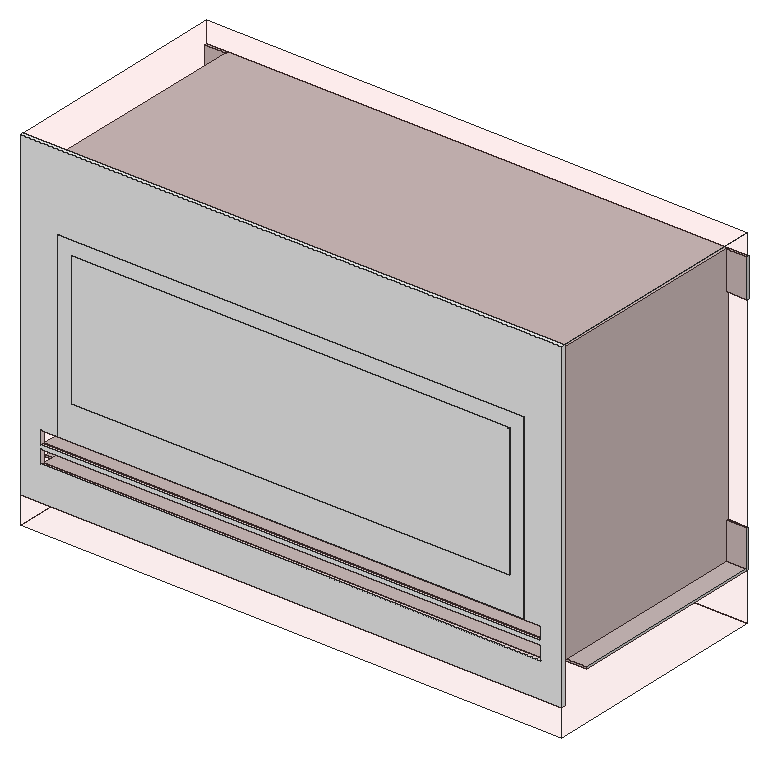
Revit family "Air-Curtain_Customer-Entry_PoweredAire_CLD-CHD", category Mechanical Equipment, host Face, Revit 2018
Family settings
  Host = Face
  Round Connector Dimension = Use Diameter
  Part Type = Normal
  OmniClass Number = 23.75.35.17.21
  OmniClass Title = Air Curtains
  Cut with Voids When Loaded = No
  Shared = No
  Room Calculation Point = No
Parameters
  Warranty Duration (Years) = 0
  Unit Width Notes = "Other Widths available."  # constant formula
  Unit Width = 3' - 3"
  Unit Weight = 0
  Unit Height = 1' - 4 3/4"
  Unit Depth = 1' - 11 1/4"
  URL = "http://www.poweredaire.com/"
  Test Data = ""
  Temperature Rise_Range = "as Specified"
  Standards Conformance = "as Specified"
  Specification = "http://www.arcat.com/sdspecs/htm04/23_34_33pai.htm"
  SpecWizard = ""
  Sound Pressure = "as Specified"
  Sales Information = "http://www.poweredaire.com/contact_us"
  Revision = "R1_2016-08"
  Projection from Host [instance] = 0' - 2"
  Product Properties = ""
  Product Data = "http://www.arcat.com/arcatcos/cos47/arc47623.html"
  Power Rating = 0 W
  Outlet Volume_Range = "as Specified"
  Outlet Velocity_Range = "as Specified"
  Nozzle Width = if(1 = 1, Unit Width - 0' 3", 0' 0")  # 3' - 0"
  Mounting Width = if(1 = 1, Unit Width - 0' 1 1/2", 0' 0")  # 3' - 1 1/2"
  Mounting Height [instance] = 3' - 6"
  Motor RPM = 0
  Motor HP = 0
  Motor Count = 0
  Model = "As Specified"
  Max Height = 0' - 0"
  Manufacturer Website = "http://www.poweredaire.com/"
  Manufacturer Phone - Toll Free = "888-321-2473"
  Manufacturer Phone = "724-588-3305"
  Manufacturer Fax = "724-588-3371"
  Manufacturer Address = "109 Mortensen Rd.  Greenville, PA 16125"
  Manufacturer = "Powered Aire, Inc"
  Maintenance Schedule (Months) = 0
  Keynote = "23 34 33"
  Installation-Fabrication = ""
  Installation Phase = ""
  Include Clearance [instance] = yes
  Heating Element Load = 0 W
  HVAC_Temperature Rise [instance] = 0 °F
  HVAC_Outlet Volume [instance] = 0 CFM
  HVAC_Outlet Velocity Uniformity = 0
  HVAC_Outlet Velocity [instance] = 0 FPM
  Green Building-LEED = "http://www.arcat.com/green/clients/leed_data_47623.html"
  Front Grating Material [instance] = Metal - Steel - PoweredAire - White Perforated
  Frame Finish [instance] = Metal - Steel - PoweredAire - Stainless 304
  Expected Lifespan (Years) = 0
  Electrical_Wattage [instance] = Power Rating + Heating Element Load  # 0 W
  Electrical_Voltage [instance] = 0 V
  Electrical_Phase [instance] = 1
  Electrical_Frequency [instance] = 0 Hz
  Electrical_Amperage [instance] = 0 A
  Drawn By = "Sumex Design, Inc. / Robert S. Weygant, CSI, CDT, SCIP"
  Description = "Powered Aire Air Curtain as Specified"
  Default Elevation = 0' - 0"  # constant formula
  Cover Finish [instance] = Metal - Steel - PoweredAire - White
  Copyright = "©Arcat Inc."
  Construction Details = "http://www.arcat.com/details/powair/prod3336.html"
  Clearance_Top [instance] = 0' - 0"
  Clearance_Side B [instance] = 0' - 0"
  Clearance_Side A [instance] = 0' - 0"
  Clearance_Intake [instance] = 0' - 0"
  Clearance_Front [instance] = 0' - 0"
  Clearance Material [instance] = ARCAT Clearance
  Building Codes = ""
  Available Options [instance] = "as Specified"
  Assembly Code = "D3090400"
Reference planes (in)
  plane 1 "Center (Elevation)": y = 8.51318
  plane 2: z = 0
  plane 3 "Center (Left/Right)": x = 0
  plane 4: y = 16.88818
  plane 5: y = 0.13818
  plane 6: x = -19.5
  plane 7: x = 19.5
  plane 8: z = 25.25
  plane 9 "FF": y = -41.86182
  plane 10: z = 2
  plane 11: x = 18
  plane 12: x = -18
  plane 13: y = 16.88818
  plane 14: y = 0.13818
  plane 15: x = -19.5
  plane 16: x = 19.5
  plane 17: z = 25.25
  plane 18: y = 0.38818
Forms (in)
  Extrusion 1, solid, material "ARCAT Clearance" <- "Clearance Material", visible <- "Include Clearance"
    sketch origin (0, 0, 0) x (0, 1, 0) y (0, 0, 1)
      loop
        line (0.13818, 25.25) -> (0.13818, 0) -> (16.88818, 0) -> (16.88818, 25.25) -> (0.13818, 25.25)
    from -19.5 to 19.5
  Extrusion 2, solid, material "Metal - Steel - PoweredAire - White" <- "Cover Finish"
    sketch origin (0, 8.51318, 0) x (1, 0, 0) y (0, 0, 1)
      loop
        line (-19.5, 25.25) -> (-19.5, 2) -> (19.5, 2) -> (19.5, 25.25) -> (-19.5, 25.25)
    from 8.125 to 8.375
  Extrusion 3, solid, material "Metal - Steel - PoweredAire - Stainless 304" <- "Frame Finish"
    sketch origin (0, 8.51318, 0) x (1, 0, 0) y (0, 0, 1)
      loop
        line (18, 23.75) -> (-18, 23.75) -> (-18, 3.5) -> (18, 3.5) -> (18, 23.75)
    from -8.375 to 8.125
  Extrusion 4, void
    sketch origin (0, 0, 0) x (0, 1, 0) y (0, 0, 1)
      loop
        line (0.13818, 5.5) -> (0.13818, 4.5) -> (1.88818, 4.5) -> (1.88818, 6.75) -> (0.13818, 6.75) -> (0.13818, 5.75) -> (1.63818, 5.75) -> (1.63818, 5.5) -> (0.13818, 5.5)
    from -18 to 18
  Extrusion 5, solid, material "Metal - Steel - PoweredAire - White" <- "Cover Finish"
    sketch origin (-11.83813, 0.13818, 48) x (-1, 0, 0) y (0, 0, 1)
      loop
        line (4.91187, -41.25) -> (4.91187, -28.25) -> (-28.58813, -28.25) -> (-28.58813, -41.25) -> (4.91187, -41.25)
    from 0 to -0.03125
  Extrusion 6, solid, material "Metal - Steel - PoweredAire - White Perforated" <- "Front Grating Material"
    sketch origin (-11.83813, 0.10693, 48) x (1, 0, 0) y (0, 0, 1)
      loop
        line (-3.91187, -29.25) -> (-3.91187, -38.75) -> (27.58813, -38.75) -> (27.58813, -29.25) -> (-3.91187, -29.25)
    from 0 to 0.03125
  Extrusion 7, solid, material "Metal - Steel - PoweredAire - Stainless 304" <- "Frame Finish"
    sketch origin (-15.17702, -180, 2) x (-1, 0, 0) y (0, -1, 0)
      loop
        line (-33.17702, -196.88818) -> (-33.17702, -182.38818) -> (-34.67702, -182.38818) -> (-34.67702, -196.88818) -> (-33.17702, -196.88818)
      loop
        line (2.82298, -196.88818) -> (4.32298, -196.88818) -> (4.32298, -182.38818) -> (2.82298, -182.38818) -> (2.82298, -196.88818)
    from 1.5 to 1.625
  Extrusion 8, solid, material "Metal - Steel - PoweredAire - Stainless 304" <- "Frame Finish"
    sketch origin (-11.83813, 16.88818, 48) x (-1, 0, 0) y (0, 0, 1)
      loop
        line (7.66187, -44.5) -> (7.66187, -41.75) -> (6.16187, -41.75) -> (6.16187, -44.5) -> (7.66187, -44.5)
      loop
        line (-31.33813, -44.5) -> (-29.83813, -44.5) -> (-29.83813, -41.75) -> (-31.33813, -41.75) -> (-31.33813, -44.5)
      loop
        line (7.66187, -27) -> (7.66187, -24.25) -> (6.16187, -24.25) -> (6.16187, -27) -> (7.66187, -27)
      loop
        line (-31.33813, -27) -> (-29.83813, -27) -> (-29.83813, -24.25) -> (-31.33813, -24.25) -> (-31.33813, -27)
    from 0 to -0.125
Cuts and joins
  Extrusion 4 cuts Extrusion 2
  Extrusion 4 cuts Extrusion 3
Dimensions and locks (in)
  equal spacing: plane 4, plane 1 "Center (Elevation)", plane 5
  "Unit Height": plane 4 to plane 5
  equal spacing: plane 6, plane 3 "Center (Left/Right)", plane 7
  "Unit Width": plane 6 to plane 7
  "Mounting Height": plane 5 to plane 9 "FF"
  "Projection from Host": plane 10 to level
  "Unit Depth": plane 8 to plane 10
  locked: plane 6 to plane 12 at 1.5
  locked: plane 11 to plane 7 at 1.5
  "Clearance_Side A": plane 7 to plane 16
  "Clearance_Side B": plane 15 to plane 6
  "Clearance_Top": plane 13 to plane 4
  "Clearance_Intake": plane 5 to plane 14
  "Clearance_Front": plane 17 to plane 8
  locked: plane 8 to Extrusion 3 sketch curve at 1.5
  locked: Extrusion 3 sketch curve to plane 10 at 1.5
  locked: plane 7 to Extrusion 3 sketch curve at 1.5
  locked: Extrusion 3 sketch curve to plane 6 at 1.5
  locked: plane 18 to plane 5 at 0.25
  Extrusion 4 sketch curve to Extrusion 4 sketch curve to Extrusion 4 sketch curve to Extrusion 4 sketch curve to plane 10 = 0' - 1" locked, 0' - 0 1/4" locked, 0' - 1" locked, 0' - 2 1/2" locked
  Extrusion 5 sketch curve to Extrusion 5 sketch curve to plane 10 = 1' - 1" locked, 0' - 4 3/4" locked
  locked: plane 11 to Extrusion 5 sketch curve at 1.25
  locked: Extrusion 5 sketch curve to plane 12 at 1.25
  Extrusion 6 sketch curve to Extrusion 6 sketch curve to plane 10 = 0' - 9 1/2" locked, 0' - 7 1/4" locked
  locked: Extrusion 6 sketch curve to plane 12 at 2.25
  locked: plane 11 to Extrusion 6 sketch curve at 2.25
  locked: plane 4 to Extrusion 7 sketch curve at 14.5  (x2)
  Extrusion 8 sketch curve to Extrusion 8 sketch curve to Extrusion 8 sketch curve to Extrusion 8 sketch curve to plane 10 = 0' - 2 3/4" locked, 1' - 2 3/4" locked, 0' - 2 3/4" locked, 0' - 1 1/2" locked  (x2)
  aligned and locked: plane 2 to host face
  aligned and locked: level to host face
  aligned and locked: Extrusion 1 sketch curve to plane 17
  aligned and locked: plane 14 to Extrusion 1 sketch curve
  aligned and locked: level to Extrusion 1 sketch curve
  aligned and locked: Extrusion 1 sketch curve to plane 13
  aligned and locked: plane 16 to Extrusion 1
  aligned and locked: Extrusion 1 to plane 15
  aligned and locked: Extrusion 2 sketch curve to plane 8
  aligned and locked: plane 6 to Extrusion 2 sketch curve
  aligned and locked: Extrusion 2 sketch curve to plane 10
  aligned and locked: Extrusion 2 sketch curve to plane 7
  aligned and locked: Extrusion 3 to plane 4
  aligned and locked: Extrusion 3 to plane 18
  aligned and locked: Extrusion 2 to plane 18
  aligned and locked: Extrusion 2 to plane 5
  aligned and locked: plane 11 to Extrusion 4
  aligned and locked: Extrusion 4 to plane 12
  aligned and locked: Extrusion 7 sketch curve to plane 4  (x2)
Automatic sketch dimensions
  host sketch curve to host sketch curve = 8' - 0"  (x2)
  Extrusion 4 sketch curve to plane 5 = 0' - 0"  (x2)
  plane 18 to Extrusion 4 sketch curve = 0' - 1 1/4"
  Extrusion 4 sketch curve to Extrusion 4 sketch curve = 0' - 0 1/4"
  Extrusion 7 sketch curve to plane 7 = 0' - 0"
  Extrusion 7 sketch curve to plane 11 = 0' - 0"
  Extrusion 7 sketch curve to plane 12 = 0' - 0"
  Extrusion 7 sketch curve to plane 6 = 0' - 0"
  Extrusion 8 sketch curve to plane 7 = 0' - 0"  (x2)
  Extrusion 8 sketch curve to plane 11 = 0' - 0"  (x2)
  Extrusion 8 sketch curve to plane 12 = 0' - 0"  (x2)
  Extrusion 8 sketch curve to plane 6 = 0' - 0"  (x2)
Connectors (in)
  electrical at (-18, 4.88818, 9.625), driven by "Electrical_Voltage", driven by "Electrical_Phase"
    settings: on cut or joined group of Extrusion 3, Extrusion 4, index 1, voltage 0 V, apparent load 0 VA, apparent load phase1 0 VA, apparent load phase2 0 VA, apparent load phase3 0 VA, power factor 1, load classification "Other", number of poles 1, system type 31, power factor state 1, is connector primary yes, connector utility no, sub classification motor no, connector description ""
